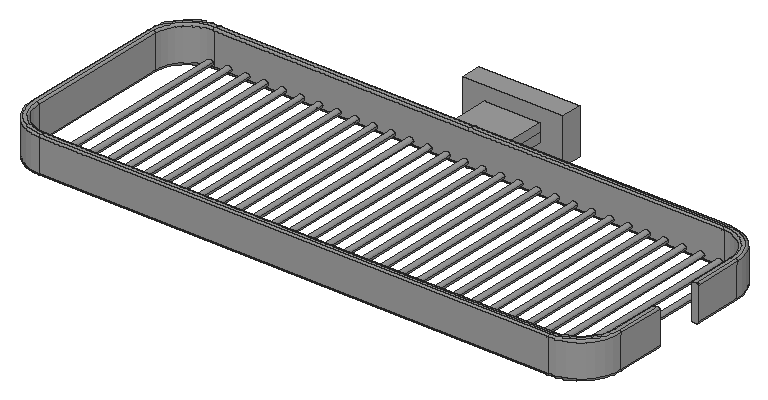
Revit family "CNT ATLAS 30 CR NEGRO MATE", category Plumbing Fixtures, Revit 2019
Family settings
  Round Connector Dimension = Use Diameter
  Part Type = Normal
  OmniClass Number = 23.45.00.00
  OmniClass Title = Sanitary, Laundry, and Cleaning Equipment
  Work Plane-Based = No
  Always vertical = Yes
  Cut with Voids When Loaded = No
  Shared = No
  Room Calculation Point = No
Reference planes
  plane 1 "Center (Front/Back)": y = 0
  plane 2: z = 0
  plane 3 "Center (Left/Right)": x = 0
Forms (mm)
  Extrusion 1, solid
    sketch origin (0, 0, 0) x (1, 0, 0) y (0, 1, 0)
      loop
        line (0, 0) -> (55, 0) -> (55, 11.634) -> (0, 11.634) -> (0, 0)
    from 0 to 25
  Extrusion 2, solid
    sketch origin (0, 0, 0) x (1, 0, 0) y (0, 0, 1)
      loop
        line (42.5, 12.5) -> (42.5, 17.5) -> (12.5, 17.5) -> (12.5, 7.5) -> (42.5, 7.5) -> (42.5, 12.5)
    from 0 to 28
  Sweep 3, solid
    path origin (0, 0, 0) x (1, 0, 0) y (0, 1, 0)
      loop
        line (187.5, -74.5) -> (187.5, -48)
        arc (187.5, -48) -> (181.642, -33.858) -> (167.5, -28) r 20
        line (167.5, -28) -> (27.5, -28) -> (-112.5, -28)
        arc (-112.5, -28) -> (-126.642, -33.858) -> (-132.5, -48) r 20
        line (-132.5, -48) -> (-132.5, -128)
        arc (-132.5, -128) -> (-126.642, -142.142) -> (-112.5, -148) r 20
        line (-112.5, -148) -> (167.5, -148)
        arc (167.5, -148) -> (181.642, -142.142) -> (187.5, -128) r 20
        line (187.5, -128) -> (187.5, -101.5)
    profile origin (187.5, -74.5, 0) x (1, 0, 0) y (0, 0, 1)
      loop
        line (0, 22.494) -> (-0.99, 22.494)
        arc (-0.99, 22.494) -> (-1.704, 22.198) -> (-2, 21.484) r 1.01
        line (-2, 21.484) -> (-2, 3.45)
        arc (-2, 3.45) -> (-1.72, 2.774) -> (-1.044, 2.494) r 0.956
        line (-1.044, 2.494) -> (1.001, 2.494)
        arc (1.001, 2.494) -> (1.707, 2.787) -> (2, 3.493) r 0.999
        line (2, 3.493) -> (2, 21.503)
        arc (2, 21.503) -> (1.71, 22.204) -> (1.009, 22.494) r 0.991
        line (1.009, 22.494) -> (0, 22.494)
  Extrusion 4, solid
    sketch origin (0, 0, 0) x (1, 0, 0) y (0, 0, 1)
      loop
        circle (-114.476, 5.35) r 1.5
      loop
        circle (-104.476, 5.35) r 1.5
      loop
        circle (-94.476, 5.35) r 1.5
      loop
        circle (-84.476, 5.35) r 1.5
      loop
        circle (-74.476, 5.35) r 1.5
      loop
        circle (-64.476, 5.35) r 1.5
      loop
        circle (-54.476, 5.35) r 1.5
      loop
        circle (-44.476, 5.35) r 1.5
      loop
        circle (-34.476, 5.35) r 1.5
      loop
        circle (-24.476, 5.35) r 1.5
      loop
        circle (-14.476, 5.35) r 1.5
      loop
        circle (-4.476, 5.35) r 1.5
      loop
        circle (5.524, 5.35) r 1.5
      loop
        circle (15.524, 5.35) r 1.5
      loop
        circle (25.524, 5.35) r 1.5
      loop
        circle (35.524, 5.35) r 1.5
      loop
        circle (45.524, 5.35) r 1.5
      loop
        circle (55.524, 5.35) r 1.5
      loop
        circle (65.524, 5.35) r 1.5
      loop
        circle (75.524, 5.35) r 1.5
      loop
        circle (85.524, 5.35) r 1.5
      loop
        circle (95.524, 5.35) r 1.5
      loop
        circle (105.524, 5.35) r 1.5
      loop
        circle (115.524, 5.35) r 1.5
      loop
        circle (125.524, 5.35) r 1.5
      loop
        circle (135.524, 5.35) r 1.5
      loop
        circle (145.524, 5.35) r 1.5
      loop
        circle (155.524, 5.35) r 1.5
      loop
        circle (165.524, 5.35) r 1.5
      loop
        circle (175.524, 5.35) r 1.5
    from 29.943 to 146.046
Dimensions and locks
  aligned and locked: level to plane 2
